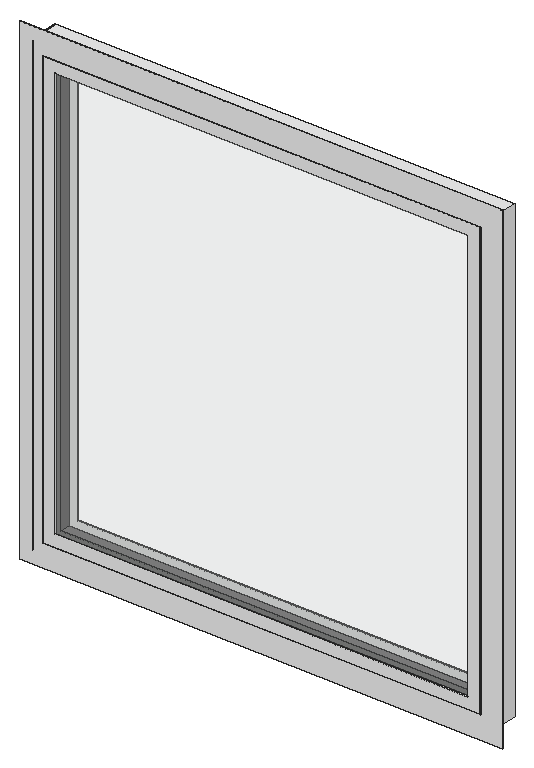
Revit family "Casement_34_F_Side_Hung_Custom", category Windows, host Wall, Revit 2014
Parameters (values of type "Casement_Sash_DG")
  Width Sash [instance] = 30 mm
  Width Sash Inner = 15 mm
  Width Bead = 15 mm
  Top Hung [instance] = yes
  Side Hung Right [instance] = yes
  Side Hung Left [instance] = yes
  Sash Opening Width [instance] = 600 mm
  Sash Opening Height [instance] = 600.312 mm
  Sash Lip = 15 mm
  Glazing Material [instance] = Glass
  DG Start Piece 2 [instance] = DG End Piece 1 + DG Gasket Thickness  # 25 mm
  DG Start Peice 1 [instance] = (Depth Sash - (2 * DG Glazing Thickness) - DG Gasket Thickness) / 2  # 6.6 mm
  Glazing Offset = 5 mm
  DG Glazing Thickness [instance] = 6.4 mm
  DG Gasket Thickness = 12 mm  # constant formula
  DG Gasket Material [instance] = Double Glazing Gasket Material
  DG End Piece 2 [instance] = DG Start Piece 2 + DG Glazing Thickness  # 31.4 mm
  DG End Piece 1 [instance] = DG Start Peice 1 + DG Glazing Thickness  # 13 mm
  Depth Sash [instance] = 38 mm
  Center Vertical Sash [instance] = Sash Opening Height / 2  # 300.156 mm
  Center Horizontal Sash [instance] = Sash Opening Width / 2  # 300 mm
  Bottom Hung [instance] = yes
  Bead Offset = 15 mm
  Aluminium Thickness = 1 mm
  Aluminium Material [instance] = White Powder Coated Aluminium
Reference planes
  plane 1 "Center (Front/Back)": y = 0
  plane 2: z = 0
  plane 3 "Center (Left/Right)": x = 0
Forms (mm)
  Sweep 1, solid, material "White Powder Coated Aluminium" <- "Aluminium Material"
    path origin (16.177, 0, 121.331) x (1, 0, 0) y (0, 0, 1)
      loop
        line (0, 0) -> (600, 0) -> (600, 600.312) -> (0, 600.312) -> (0, 0)
    profile origin (316.177, 0, 121.331) x (0, 0, 1) y (0, -1, 0)
      loop
        line (0, 0) -> (30, 0) -> (30, 1) -> (15, 1) -> (15, 38) -> (-15, 38) -> (-15, 37) -> (0, 37) -> (0, 0)
      loop
        line (14, 1) -> (14, 37) -> (1, 37) -> (1, 1) -> (14, 1)
  Sweep 2, solid, material "White Powder Coated Aluminium" <- "Aluminium Material"
    path origin (0, 0, 0) x (1, 0, 0) y (0, 0, 1)
      loop
        line (31.177, 706.643) -> (31.177, 136.331) -> (601.177, 136.331) -> (601.177, 706.643) -> (31.177, 706.643)
    profile origin (316.177, 0, 706.643) x (0, 0, 1) y (0, -1, 0)
      loop
        line (0, 37) -> (0, 38) -> (-15, 38) -> (-15, 37) -> (0, 37)
  Extrusion 3, solid, material "Glass" <- "Glazing Material"
    sketch origin (0, 0, 0) x (1, 0, 0) y (0, 0, 1)
      loop
        line (36.177, 701.643) -> (36.177, 141.331) -> (596.177, 141.331) -> (596.177, 701.643) -> (36.177, 701.643)
    from 6.6 <- "DG Start Peice 1" to 13 <- "DG End Piece 1"
  Extrusion 4, solid, material "Glass" <- "Glazing Material"
    sketch origin (0, 0, 0) x (1, 0, 0) y (0, 0, 1)
      loop
        line (36.177, 701.643) -> (36.177, 141.331) -> (596.177, 141.331) -> (596.177, 701.643) -> (36.177, 701.643)
    from 31.4 <- "DG End Piece 2" to 25 <- "DG Start Piece 2"
  Sweep 5, solid, material "Double Glazing Gasket Material" <- "DG Gasket Material"
    path origin (0, -13, 0) x (1, 0, 0) y (0, 0, 1)
      loop
        line (36.177, 701.643) -> (36.177, 141.331) -> (596.177, 141.331) -> (596.177, 701.643) -> (36.177, 701.643)
    profile origin (316.177, -13, 701.643) x (0, 0, 1) y (0, -1, 0)
      loop
        line (0, 0) -> (0, 12) -> (-7.96, 12) -> (-7.96, 0) -> (0, 0)
Lines and regions (mm)
  model lines
    curve 1: line (1.177, -38, 736.643) -> (31.177, -38, 706.643)
    curve 2: line (601.177, -38, 706.643) -> (631.177, -38, 736.643)
    curve 3: line (601.177, -38, 136.331) -> (631.177, -38, 106.331)
    curve 4: line (1.177, -38, 106.331) -> (31.177, -38, 136.331)
    curve 5: line (631.177, -37, 736.643) -> (616.177, -37, 721.643)
    curve 6: line (1.177, -37, 736.643) -> (16.177, -37, 721.643)
    curve 7: line (1.177, -37, 106.331) -> (16.177, -37, 121.331)
    curve 8: line (631.177, -37, 106.331) -> (616.177, -37, 121.331)
    curve 9: line (616.177, 0, 121.331) -> (586.177, 0, 151.331)
    curve 10: line (46.177, 0, 151.331) -> (16.177, 0, 121.331)
    curve 11: line (616.177, 0, 721.643) -> (586.177, 0, 691.643)
    curve 12: line (46.177, 0, 691.643) -> (16.177, 0, 721.643)
    curve 13: line (31.177, -38, 691.643) -> (46.177, -38, 691.643)
    curve 14: line (586.177, -38, 691.643) -> (601.177, -38, 691.643)
    curve 15: line (586.177, -38, 151.331) -> (601.177, -38, 151.331)
    curve 16: line (31.177, -38, 151.331) -> (46.177, -38, 151.331)
  model lines, style "GenericModelHiddenLines", visible <- "Top Hung"
    curve 17: line (46.386, -31.4, 690.914) -> (316.177, -31.4, 151.331)
    curve 18: line (316.177, -31.4, 151.331) -> (586.177, -31.4, 691.331)
  model lines, style "GenericModelHiddenLines", visible <- "Bottom Hung"
    curve 19: line (46.177, -31.4, 151.331) -> (316.177, -31.4, 691.331)
    curve 20: line (316.177, -31.4, 691.331) -> (586.177, -31.4, 151.331)
  model lines, style "GenericModelHiddenLines", visible <- "Side Hung Left"
    curve 21: line (46.386, -31.4, 690.914) -> (585.24, -31.4, 421.487)
    curve 22: line (585.24, -31.4, 421.487) -> (46.177, -31.4, 151.331)
  model lines, style "GenericModelHiddenLines", visible <- "Side Hung Right"
    curve 23: line (586.177, -31.4, 691.331) -> (46.177, -31.4, 421.487)
    curve 24: line (46.177, -31.4, 421.487) -> (586.177, -31.4, 151.331)
Dimensions and locks
  "Aluminium Thickness": Sweep 1 sketch curve to Sweep 1 sketch curve  (x4)
  "Depth Sash": Sweep 1 sketch curve to Sweep 1 sketch curve
  "Sash Opening Width": Sweep 1 to Sweep 1
  "Sash Opening Height": Sweep 1 to Sweep 1
  "Width Sash": Sweep 1 sketch curve to Sweep 1 sketch curve  (x2)
  "Width Sash Inner": Sweep 1 sketch curve to Sweep 1 sketch curve
  "Sash Lip": Sweep 1 sketch curve to Sweep 1 sketch curve
  "Aluminium Thickness": Sweep 1 to Sweep 2 sketch curve
  "Glazing Offset": Sweep 2 to Extrusion 3 sketch curve  (x3)
  "Glazing Offset": Extrusion 3 sketch curve to Sweep 2
  Sweep 1 to Sweep 1 = 1 mm
  "Aluminium Thickness": Sweep 2 sketch curve to Sweep 2 sketch curve
  "Width Bead": Sweep 2 sketch curve to Sweep 2 sketch curve
  locked: Sweep 5 sketch curve to Sweep 5 sketch curve at 7.96
  "Center Horizontal Sash": Sweep 1 to curve 18
  "Center Horizontal Sash": Sweep 1 to curve 20
  "Center Vertical Sash": Sweep 1 to curve 22
  "Center Vertical Sash": Sweep 1 to curve 24
  aligned and locked: level to plane 2
  aligned and locked: Sweep 1 sketch curve to Sweep 1 sketch curve  (x2)
  aligned and locked: Sweep 2 sketch curve to Sweep 1  (x5)
  aligned and locked: Extrusion 4 sketch curve to Extrusion 3  (x4)
  aligned and locked: Sweep 5 sketch curve to Extrusion 3  (x5)
  aligned and locked: Extrusion 3 to Sweep 5 sketch curve
Automatic sketch dimensions
  plane 3 "Center (Left/Right)" to Sweep 1 sketch curve = 16.177 mm
  level to Sweep 1 sketch curve = 121.331 mm
  plane 3 "Center (Left/Right)" to Sweep 1 sketch curve = 616.177 mm
  level to Sweep 1 sketch curve = 721.643 mm
  profile plane to Sweep 5 sketch curve = 12 mm
  curve 7 to Sweep 1 = 0 mm  (x4)
  curve 6 to Sweep 1 = 0 mm  (x3)
  Sweep 1 to curve 6 = 0 mm
  curve 5 to Sweep 1 = 0 mm  (x3)
  curve 8 to Sweep 1 = 0 mm  (x4)
  Sweep 1 to curve 5 = 0 mm
  curve 16 to Sweep 2 = 0 mm  (x3)
  curve 13 to Sweep 2 = 0 mm  (x3)
  curve 15 to Sweep 2 = 0 mm
  Sweep 2 to curve 15 = 0 mm  (x2)
  curve 14 to Sweep 2 = 0 mm  (x2)
  Sweep 2 to curve 14 = 0 mm
  curve 1 to Sweep 1 = 0 mm  (x4)
  curve 4 to Sweep 1 = 0 mm  (x3)
  Sweep 1 to curve 4 = 0 mm
  curve 3 to Sweep 1 = 0 mm  (x3)
  curve 2 to Sweep 1 = 0 mm  (x4)
  Sweep 1 to curve 3 = 0 mm
  curve 10 to Sweep 1 = 0 mm  (x4)
  curve 12 to Sweep 1 = 0 mm  (x3)
  Sweep 1 to curve 12 = 0 mm
  curve 9 to Sweep 1 = 0 mm  (x4)
  curve 11 to Sweep 1 = 0 mm  (x3)
  Sweep 1 to curve 11 = 0 mm
  Sweep 1 sketch curve to plane 1 "Center (Front/Back)" = 0 mm
  profile plane to Sweep 1 sketch curve = 0 mm
  curve 21 to Extrusion 4 = 10.208 mm
  curve 19 to Extrusion 4 = 10 mm
  curve 23 to Extrusion 4 = 10 mm  (x2)
  curve 22 to Extrusion 4 = 10.937 mm
  curve 20 to Extrusion 4 = 10 mm
  curve 24 to Extrusion 4 = 10 mm
  curve 22 to Extrusion 4 = 10 mm
  curve 18 to Extrusion 4 = 10 mm
  curve 21 to Extrusion 4 = 10.729 mm
  curve 19 to Extrusion 4 = 10.312 mm
  curve 18 to Extrusion 4 = 10.312 mm
